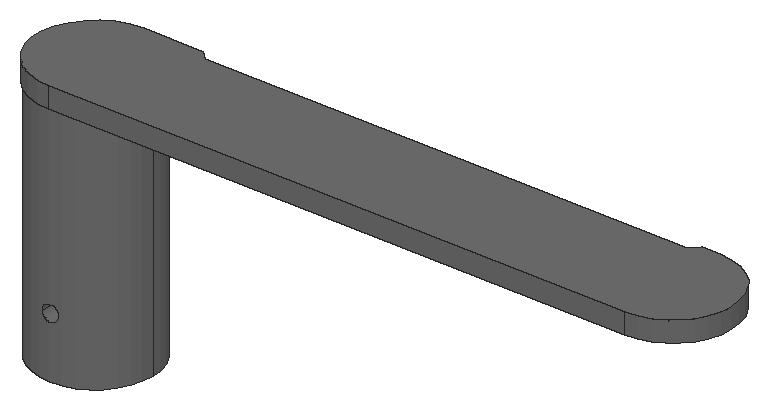
Revit family "4-ALMA-ROLLCode-Ascari Toilet Roll Holder-Finish", category Specialty Equipment, host Face, Revit 2022
Family settings
  Host = Face
  Round Connector Dimension = Use Diameter
  Part Type = Normal
  Cut with Voids When Loaded = No
  Maintain Annotation Orientation = No
  Shared = No
  Room Calculation Point = No
Parameters (values of type "MATTE BLACK")
  URL = "https://www.buildmat.com.au/products/ascari-matte-black-toilet-roll-holder"
  Model = "ROLLBK04"
  Material = _BM_MATTE BLACK
  Manufacturer = "BUILDMAT"
  Default Elevation = 1219.2 mm
  Cost = 49
Types (4, lengths in mm): name | URL | Model | Material | Cost
  BRUSHED BRASS GOLD | "https://www.buildmat.com.au/products/ascari-brushed-brass-gold-toilet-holder" | "ROLLGD01" | _BM_BRUSHED BRASS GOLD | 59
  BRUSHED GUNMETAL | "https://www.buildmat.com.au/products/ascari-brushed-gunmetal-toilet-roll-holder" | "ROLLGM03" | _BM_BRUSHED GUNMETAL | 59
  BRUSHED NICKEL | "https://www.buildmat.com.au/products/ascari-brushed-nickel-toilet-roll-holder" | "ROLLBN02" | _BM_BRUSHED NICKEL | 59
  MATTE BLACK | "https://www.buildmat.com.au/products/ascari-matte-black-toilet-roll-holder" | "ROLLBK04" | _BM_MATTE BLACK | 49
Reference planes
  plane 1 "Centro (Elevation)": y = 0
  plane 2 "Back": z = 0
  plane 3 "Centro (Izquierda/Derecha)": x = 0
  plane 4 "Top": y = 14.5
  plane 5 "Bottom": y = -14.5
  plane 6: x = -70.5
  plane 7: x = 70.5
  plane 8 "Left": x = -85
  plane 9 "Right": x = 85
  plane 10 "Front": z = 65
  plane 11: z = 60
  plane 12: y = 12.5
Forms (mm)
  Extrusion 1, solid, material "_BM_MATTE BLACK" <- "Material"
    sketch origin (0, 0, 65) x (1, 0, 0) y (0, 1, 0)
      loop
        arc (-70.5, 14.5) -> (-85, 0) -> (-70.5, -14.5) r 14.5
        line (-70.5, -14.5) -> (70.5, -14.5)
        arc (70.5, -14.5) -> (85, 0) -> (70.5, 14.5) r 14.5
        line (70.5, 14.5) -> (66, 14.5) -> (64, 12.5) -> (-54, 12.5) -> (-56, 14.5) -> (-70.5, 14.5)
    from 0 to -5
  Extrusion 2, solid, material "_BM_MATTE BLACK" <- "Material"
    sketch origin (0, 0, 0) x (1, 0, 0) y (0, 1, 0)
      loop
        circle (-70.5, 0) r 14
    from 0 to 60
  Extrusion 3, void
    sketch origin (0, 0, 0) x (1, 0, 0) y (0, 0, 1)
      loop
        circle (-70.5, 15) r 2
    from -14.5 to 14.5
Cuts and joins
  Extrusion 3 cuts Extrusion 1
  Extrusion 3 cuts Extrusion 2
  joined: Extrusion 1, Extrusion 2
Lines and regions (mm)
  symbolic lines, style "SpecialityEquipmentHiddenLines", detail levels medium+fine
    curve 1: circle (-70.5, 0, 0) r 14 normal (0, 0, 1)
Dimensions and locks
  equal spacing: plane 4 "Top", plane 1 "Centro (Elevation)", plane 5 "Bottom"
  plane 4 "Top" to plane 5 "Bottom" = 29 mm
  equal spacing: plane 6, plane 3 "Centro (Izquierda/Derecha)", plane 7
  plane 6 to plane 7 = 141 mm
  equal spacing: plane 8 "Left", plane 3 "Centro (Izquierda/Derecha)", plane 9 "Right"
  plane 8 "Left" to plane 9 "Right" = 170 mm
  plane 2 "Back" to plane 10 "Front" = 65 mm
  plane 11 to plane 10 "Front" = 5 mm
  plane 12 to plane 5 "Bottom" = 27 mm
  aligned and locked: plane 2 "Back" to host face
  aligned and locked: level to host face
  aligned and locked: plane 10 "Front" to Extrusion 1
  aligned and locked: plane 11 to Extrusion 1
  aligned and locked: Extrusion 2 to plane 2 "Back"
  aligned and locked: Extrusion 2 to plane 11
  aligned and locked: plane 4 "Top" to Extrusion 3
  aligned and locked: Extrusion 3 to plane 5 "Bottom"
Automatic sketch dimensions
  host sketch curve to host sketch curve = 2438.4 mm  (x2)
  plane 1 "Centro (Elevation)" to Extrusion 2 sketch curve = 0 mm
  Extrusion 2 sketch curve to plane 6 = 0 mm
  level to Extrusion 3 sketch curve = 15 mm
  Extrusion 3 sketch curve to plane 6 = 0 mm
  plane 1 "Centro (Elevation)" to curve 1 = 0 mm
  curve 1 to plane 6 = 0 mm
  plane 1 "Centro (Elevation)" to Extrusion 1 sketch curve = 0 mm
  Extrusion 1 sketch curve to plane 6 = 0 mm
  Extrusion 1 sketch curve to plane 4 "Top" = 0 mm  (x2)
  Extrusion 1 sketch curve to plane 12 = 0 mm
  Extrusion 1 sketch curve to plane 7 = 0 mm
  Extrusion 1 sketch curve to Extrusion 1 sketch curve = 14.5 mm
  Extrusion 1 sketch curve to Extrusion 1 sketch curve = 2 mm  (x2)
  Extrusion 1 sketch curve to plane 7 = 6.5 mm
  radius of Extrusion 2 sketch curve = 14 mm
  radius of Extrusion 3 sketch curve = 2 mm
  radius of curve 1 = 14 mm
